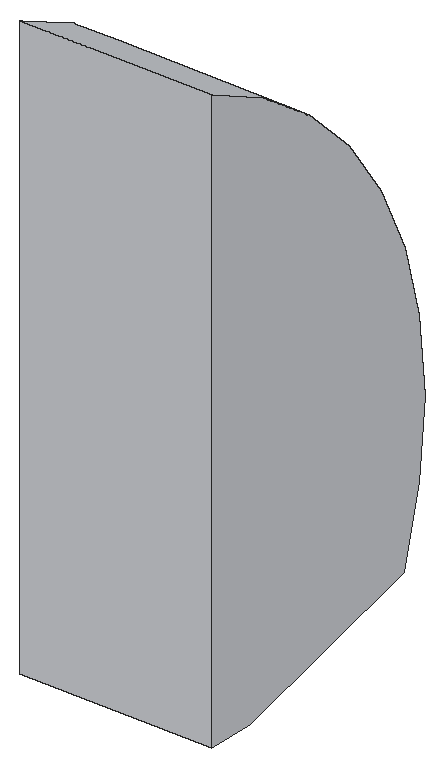
Revit family "DAN DRYER Stainless Design Mini Design 296", category Furniture Systems, host Wall, Revit 2018
Family settings
  Host = Wall
  Round Connector Dimension = Use Diameter
  Part Type = Normal
  Always vertical = Yes
  Cut with Voids When Loaded = No
  Shared = No
  Room Calculation Point = No
Parameters (values of type "Stål")
  Wicth = 120 mm
  URL = "http://www.dandryer.com/Files/Billeder/PDF/Datablade/Nye/Technical%20data%20sheet%20296.pdf"
  Type Image = <None>
  Offset from Floor = 1500 mm
  Model = "Stainless design"
  Manufacturer = "http://www.dandryer.com/"
  Height = 367 mm
  Description = "STAINLESS DESIGN Manual soap dispenser Art. no. 296"
  Cost = 0
Reference planes
  plane 1 "Wall": y = 0
  plane 2 "Center (Left/Right)": x = 125
  plane 3 "Back": y = 75
  plane 4 "Top": z = 1500
  plane 5 "Bund": z = 1133
  plane 6: x = 185
  plane 7: x = 65
  plane 8 "Manual": through (-8600, 181.187, 1185.25) normal (0, -0.8572, -0.515)
Forms (mm)
  Extrusion 1, solid
    sketch origin (125, 0, 0) x (0, 1, 0) y (0, 0, 1)
      loop
        line (75, 1133) -> (105, 1133) -> (225.741, 1165.352)
        arc (225.741, 1165.352) -> (240.929, 1234.291) -> (237.943, 1304.82) r 273.151
        arc (237.943, 1304.82) -> (182.627, 1424.246) -> (75, 1500) r 254.198
        line (75, 1500) -> (75, 1133)
    from -60 to 60
  Extrusion 2, void
    sketch origin (125, 125.577, 1138.513) x (0, -0.965926, -0.258819) y (1, 0, 0)
      loop
        line (-84.103, 0) -> (-84.103, -45) -> (-44.103, -45) -> (-44.103, -30) -> (-54.103, -30) -> (-54.103, -20) -> (-44.103, -20) -> (-44.103, 0) -> (-44.103, 20) -> (-54.103, 20) -> (-54.103, 30) -> (-44.103, 30) -> (-44.103, 45) -> (-84.103, 45) -> (-84.103, 0)
    from 0 to 5
  Sweep 3, solid
    path origin (-8600, 181.187, 1185.25) x (0, -0.515038, 0.857167) y (-1, 0, 0)
      loop
        line (-18.355, -8749.699) -> (-43.355, -8749.699)
        arc (-43.355, -8749.699) -> (-46.891, -8748.234) -> (-48.355, -8744.699) r 5
        line (-48.355, -8744.699) -> (-48.355, -8704.699)
        arc (-48.355, -8704.699) -> (-46.891, -8701.163) -> (-43.355, -8699.699) r 5
        line (-43.355, -8699.699) -> (-18.355, -8699.699)
    profile origin (149.699, 197.078, 1158.802) x (1, 0, 0) y (0, -0.857167, -0.515038)
      loop
        circle (0, 0) r 2
Cuts and joins
  Extrusion 2 cuts Extrusion 1
Text (mm)
  text "Placement Side" at (-1848.837, 1116.779, 0), in view "Ref. Level"
  text "Placement side" at (0, 1409.804, 2854.306), in view "Left"
  text "Placement side" at (0, 499.811, 2980.732), in view "Right"
Dimensions and locks
  locked: plane 3 "Back" to host wall
  "Height": plane 5 "Bund" to plane 4 "Top"
  equal spacing: plane 7, plane 2 "Center (Left/Right)", plane 6
  "Wicth": plane 7 to plane 6
  "Offset from Floor": level to plane 4 "Top"
  aligned and locked: plane 1 "Wall" to host wall
  aligned and locked: Extrusion 1 sketch curve to host wall
  aligned and locked: plane 7 to Extrusion 1
  aligned and locked: Extrusion 1 to plane 6
Automatic sketch dimensions
  Extrusion 1 sketch curve to plane 5 "Bund" = 0 mm
  Extrusion 1 sketch curve to plane 4 "Top" = 0 mm
  host wall to Extrusion 1 sketch curve = 12.51 mm
  Extrusion 1 sketch curve to Extrusion 1 sketch curve = 18.673 mm
  Extrusion 1 sketch curve to Extrusion 1 sketch curve = 30 mm
  plane 5 "Bund" to Extrusion 1 sketch curve = 32.352 mm
  Extrusion 1 sketch curve to Extrusion 1 sketch curve = 120.741 mm
  Extrusion 1 sketch curve to Extrusion 1 sketch curve = 3.242 mm
  Extrusion 1 sketch curve to Extrusion 1 sketch curve = 0 mm
  Extrusion 1 to Extrusion 2 sketch curve = 19.594 mm
  Extrusion 2 sketch curve to Extrusion 2 sketch curve = 30 mm  (x2)
  Extrusion 2 sketch curve to Extrusion 2 sketch curve = 10 mm  (x5)
  Extrusion 2 sketch curve to Extrusion 1 = 15 mm  (x2)
  Extrusion 2 sketch curve to Extrusion 2 sketch curve = 15 mm
  Extrusion 2 sketch curve to Extrusion 2 sketch curve = 20 mm  (x3)
  Sweep 3 sketch curve to plane 8 "Manual" = 0 mm
  Sweep 3 sketch curve to profile plane = 0 mm
  plane 2 "Center (Left/Right)" to Sweep 3 sketch curve = 19.699 mm
  Sweep 3 sketch curve to Sweep 3 sketch curve = 5 mm  (x2)
  Sweep 3 sketch curve to plane 2 "Center (Left/Right)" = 20.301 mm
  Sweep 3 sketch curve to Sweep 3 sketch curve = 25 mm  (x2)
  radius of Sweep 3 sketch curve = 2 mm
